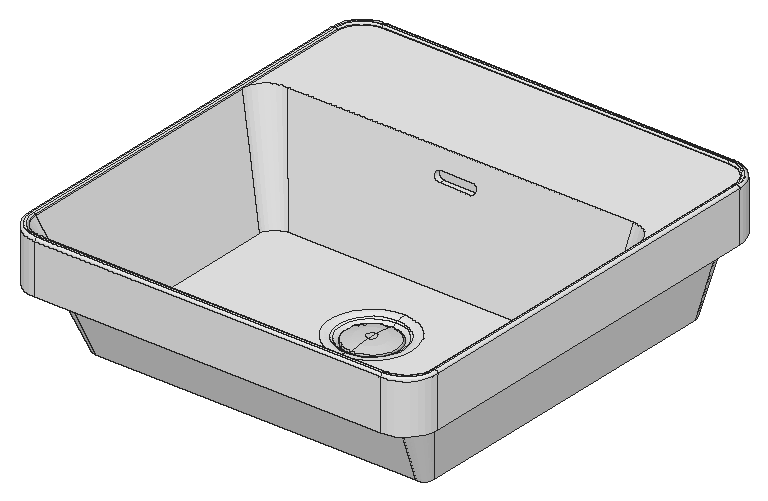
Revit family "Reece_Basin_Posh_Domaine_Semi Inset", category Plumbing Fixtures, host Face, Revit 2018
Family settings
  Host = Face
  Round Connector Dimension = Use Diameter
  Part Type = Normal
  Cut with Voids When Loaded = No
  Shared = Yes
  Room Calculation Point = Yes
Parameters (values of type "1 Taphole_Vitreous China_White")
  WFU = 0  # constant formula
  URL = "https://www.reece.com.au/product/-9508855"
  Type Comments = "Basin"
  Reece_Product_Web Page = "https://www.reece.com.au/product/-9508855"
  Reece_Product_Type = "Basin"  # constant formula
  Reece_Product_Sub Brand = "Domaine"  # constant formula
  Reece_Product_Number = "9508855"
  Reece_Product_Mount = "Inset"  # constant formula
  Reece_Product_Description = "Posh Domaine Semi Inset Overflow Basin 1 Taphole White"  # constant formula
  Reece_Product_Brand = "Posh"  # constant formula
  Reece_Overall_Width = 390 mm  # constant formula
  Reece_Overall_Length = 420 mm  # constant formula
  Reece_Overall_Height = 120 mm  # constant formula
  Reece_Overall_Capacity = 5.50 L  # constant formula
  Reece_Material_Secondary = Reece_Brass_Chrome
  Reece_Material_Main = Reece_Vitreous China_White
  Reece_Detail_Installation = "Semi Inset"  # constant formula
  Reece_Detail_Disclaimer = "THIS FILE IS THE PROPERTY OF THE REECE GROUP. IT MAY NOT BE REPRODUCED, REVERSE-ENGINEERED, OR MODIFIED. ANY REPUBLICATION, TRANSMISSION, OR DISTRIBUTION FOR THE PURPOSE OF COMMERCIALLY EXPLOITING THE FILES IS PROHIBITED."  # constant formula
  Reece_Detail_Connector = "1 Taphole"  # constant formula
  Reece_Detail_Additional = "Overflow"  # constant formula
  Reece_Basin_Taphole 1 = yes
  Reece_Basin_Supply Diameter 1 = 35 mm  # constant formula
  Reece_Basin_Outlet = 40 mm  # constant formula
  Model = "Domaine"
  Manufacturer = "Posh"
  Keynote = "Product #9508855, Reece_Basin_Posh_Domaine_Semi Inset - 1 Taphole_Vitreous China_White"
  HWFU = 0  # constant formula
  Disclaimer = "THIS FILE IS THE PROPERTY OF THE REECE GROUP. IT MAY NOT BE REPRODUCED, REVERSE-ENGINEERED, OR MODIFIED. ANY REPUBLICATION, TRANSMISSION, OR DISTRIBUTION FOR THE PURPOSE OF COMMERCIALLY EXPLOITING THE FILES IS PROHIBITED."  # constant formula
  Description = "Posh Domaine Semi Inset Overflow Basin 1 Taphole White"
  Default Elevation = 1000 mm
  CWFU = 0  # constant formula
Reference planes
  plane 1 "Center (Front/Back)": y = -79.125
  plane 2 "Bottom": z = 0
  plane 3 "Center (Left/Right)": x = 0
  plane 4: x = -195
  plane 5: x = 195
  plane 6: y = 130.875
  plane 7: y = -289.125
  plane 8: z = 50
  plane 9: z = -70
  plane 10: y = 70.875
  plane 11: y = -79.125
  plane 12: y = -94.125
Forms (mm)
  Sweep 1, solid, material "Reece_Vitreous China_White" <- "Reece_Material_Main"
    path origin (0, -2.5, 47.5) x (1, 0, 0) y (0, 1, 0)
      loop
        line (-195, 103.375) -> (-195, -256.66)
        arc (-195, -256.66) -> (-186.213, -277.873) -> (-165, -286.66) r 30
        line (-165, -286.66) -> (165, -286.66)
        arc (165, -286.66) -> (186.213, -277.873) -> (195, -256.66) r 30
        line (195, -256.66) -> (195, 103.375)
        arc (195, 103.375) -> (186.213, 124.589) -> (165, 133.375) r 30
        line (165, 133.375) -> (-165, 133.375)
        arc (-165, 133.375) -> (-186.213, 124.589) -> (-195, 103.375) r 30
    profile origin (-195, -79.142, 47.5) x (1, 0, 0) y (0, 0, 1)
      loop
        line (0, -47.5) -> (6, -47.5) -> (6, 1)
        arc (6, 1) -> (5.561, 2.061) -> (4.5, 2.5) r 1.5
        line (4.5, 2.5) -> (2.5, 2.5)
        arc (2.5, 2.5) -> (0.732, 1.768) -> (0, 0) r 2.5
        line (0, 0) -> (0, -47.5)
  SweptBlend 2, void
    path origin (0, -79.125, -70) x (1, 0, 0) y (0, 0, 1)
      loop
        line (0, 118.5) -> (0, 10)
    profile origin (0, -79.125, 48.5) x (0, -1, 0) y (1, 0, 0)
      loop
        line (-90, 165.002) -> (-90, -165.002)
        arc (-90, -165.002) -> (-82.971, -181.972) -> (-66, -189.002) r 24
        line (-66, -189.002) -> (180.035, -189.002)
        arc (180.035, -189.002) -> (197.005, -181.971) -> (204.035, -165) r 24
        line (204.035, -165) -> (204.035, 165)
        arc (204.035, 165) -> (197.005, 181.971) -> (180.035, 189) r 24
        line (180.035, 189) -> (-66, 189.002)
        arc (-66, 189.002) -> (-82.971, 181.972) -> (-90, 165.002) r 24
    end profile origin (0, -79.125, -60) x (0, -1, 0) y (1, 0, 0)
      loop
        arc (-68, -146.7) -> (-63.607, -157.307) -> (-53, -161.7) r 15
        line (-53, -161.7) -> (139.402, -161.7)
        arc (139.402, -161.7) -> (150.009, -157.307) -> (154.402, -146.7) r 15
        line (154.402, -146.7) -> (154.402, 146.7)
        arc (154.402, 146.7) -> (150.009, 157.307) -> (139.402, 161.7) r 15
        line (139.402, 161.7) -> (-53, 161.7)
        arc (-53, 161.7) -> (-63.607, 157.307) -> (-68, 146.7) r 15
        line (-68, 146.7) -> (-68, -146.7)
  Revolve 3, void
    sketch origin (0, 45, -82) x (0, 1, 0) y (0, 0, 1)
      loop
        arc (-178.125, 22) -> (-174.202, 21.612) -> (-170.432, 20.462) r 20
        line (-170.432, 20.462) -> (-168.278, 19.564)
        arc (-168.278, 19.564) -> (-163.804, 15.88) -> (-162.125, 10.333) r 10
        line (-162.125, 10.333) -> (-162.125, 0) -> (-139.125, 0) -> (-139.125, 22) -> (-178.125, 22)
      axis (-139.125, 22) -> (-139.125, 0)
    angle from 0 to 360
  Revolve 4, solid, material "Reece_Brass_Chrome" <- "Reece_Material_Secondary"
    sketch origin (0, -17.5, -65.585) x (0, 1, 0) y (0, 0, 1)
      loop
        line (-99.428, -1.603) -> (-76.625, -1.603) -> (-76.625, 4.528) -> (-81.386, 4.528)
        arc (-81.386, 4.528) -> (-91.145, 3.836) -> (-100.708, 1.772) r 69.106
        arc (-100.708, 1.772) -> (-101.398, 1.06) -> (-101.136, 0.105) r 1
        line (-101.136, 0.105) -> (-99.428, -1.603)
      axis (-76.625, 4.528) -> (-76.625, -1.603)
    angle from 0 to 360
  Extrusion 5, void
    sketch origin (0, -79.125, -70) x (1, 0, 0) y (0, 0, 1)
      loop
        arc (-15, 101) -> (-20, 96) -> (-15, 91) r 5
        line (-15, 91) -> (15, 91)
        arc (15, 91) -> (20, 96) -> (15, 101) r 5
        line (15, 101) -> (-15, 101)
    from -90.035 to -59.6
  SweptBlend 6, solid, material "Reece_Vitreous China_White" <- "Reece_Material_Main"
    path origin (0, -79.125, -70) x (1, 0, 0) y (0, 0, 1)
      loop
        line (0, 118.5) -> (0, 0)
    profile origin (0, -79.125, 48.5) x (0, -1, 0) y (1, 0, 0)
      loop
        line (-180, -192.202) -> (180, -192.202)
        arc (180, -192.202) -> (199.233, -184.233) -> (207.2, -165) r 27.2
        line (207.2, -165) -> (207.2, 165.002)
        arc (207.2, 165.002) -> (199.233, 184.235) -> (180, 192.202) r 27.2
        line (180, 192.202) -> (-180, 192.202)
        arc (-180, 192.202) -> (-199.233, 184.235) -> (-207.2, 165.002) r 27.2
        line (-207.2, 165.002) -> (-207.2, -165.002)
        arc (-207.2, -165.002) -> (-199.233, -184.235) -> (-180, -192.202) r 27.2
    end profile origin (0, -79.125, -70) x (0, -1, 0) y (1, 0, 0)
      loop
        arc (-178, -152.4) -> (-175.071, -159.471) -> (-168, -162.4) r 10
        line (-168, -162.4) -> (143.002, -162.4)
        arc (143.002, -162.4) -> (150.073, -159.471) -> (153.002, -152.4) r 10
        line (153.002, -152.4) -> (153.002, 152.4)
        arc (153.002, 152.4) -> (150.073, 159.471) -> (143.002, 162.4) r 10
        line (143.002, 162.4) -> (-168, 162.4)
        arc (-168, 162.4) -> (-175.071, 159.471) -> (-178, 152.4) r 10
        line (-178, 152.4) -> (-178, -152.4)
  Extrusion 7, void
    sketch origin (0, 0, 0) x (1, 0, 0) y (0, 1, 0)
      loop
        line (155, 123.777) -> (-155, 123.777)
        arc (-155, 123.777) -> (-178.265, 114.141) -> (-187.902, 90.875) r 32.902
        line (-187.902, 90.875) -> (-187.902, -249.16)
        arc (-187.902, -249.16) -> (-178.265, -272.425) -> (-155, -282.062) r 32.902
        line (-155, -282.062) -> (155, -282.062)
        arc (155, -282.062) -> (178.265, -272.425) -> (187.902, -249.16) r 32.902
        line (187.902, -249.16) -> (187.902, 90.875)
        arc (187.902, 90.875) -> (178.265, 114.141) -> (155, 123.777) r 32.902
    from 0 to -150
  Revolve 8, solid
    sketch origin (0, 0, 0) x (0, 1, 0) y (0, 0, 1)
      loop
        line (-119.125, -70) -> (-129.125, -70) -> (-129.125, -90) -> (-119.125, -90) -> (-119.125, -70)
      axis (-94.125, -70) -> (-94.125, -90)
    angle from 0 to 360
Cuts and joins
  SweptBlend 2, Revolve 3, Extrusion 5 cuts SweptBlend 6
  Revolve 3, Extrusion 5 cuts Sweep 1
Lines and regions (mm)
  model lines, visible <- "Reece_Basin_Taphole 1"
    curve 1: circle (0, 70.875, 50) r 17.5 normal (0, 0, 1)
Text (mm)
  text "Reece ©" at (-1108.834, -679.227, 0), in view "Ref. Level"
  text "Reece ©" at (44.384, 258.95, 192.345), in view "Reece Preview"
Dimensions and locks
  plane 7 to plane 1 "Center (Front/Back)" to plane 6 = 210 mm, 210 mm
  "Reece_Overall_Length": plane 7 to plane 6
  plane 4 to plane 3 "Center (Left/Right)" to plane 5 = 195 mm, 195 mm
  "Reece_Overall_Width": plane 4 to plane 5
  "Reece_Overall_Height": plane 8 to plane 9
  plane 12 to plane 10 to plane 6 = 165 mm, 60 mm
  equal spacing: plane 7, plane 11, plane 6
  "Reece_Overall_Width": cut or joined group of Sweep 1, Revolve 3, Extrusion 5 to plane 5
  "Reece_Overall_Length": cut or joined group of Sweep 1, Revolve 3, Extrusion 5 to plane 7
  plane 8 to host face = 50 mm  (x2)
  aligned and locked: host face to plane 2 "Bottom"
  aligned and locked: level to host face
Automatic sketch dimensions
  host sketch curve to host sketch curve = 696.216 mm
  host sketch curve to host sketch curve = 618.927 mm
  Sweep 1 sketch curve to plane 4 = 0 mm
  plane 6 to Sweep 1 sketch curve = 0 mm
  Sweep 1 sketch curve to plane 5 = 0 mm
  Sweep 1 sketch curve to plane 4 = 30 mm  (x2)
  plane 7 to Sweep 1 sketch curve = 0.035 mm
  Sweep 1 sketch curve to plane 7 = 29.965 mm
  plane 5 to Sweep 1 sketch curve = 30 mm
  SweptBlend 2 sketch curve to plane 3 "Center (Left/Right)" = 0 mm
  plane 9 to SweptBlend 2 sketch curve = 10 mm
  plane 8 to SweptBlend 2 sketch curve = 1.5 mm
  SweptBlend 2 sketch curve to plane 1 "Center (Front/Back)" = 90 mm
  SweptBlend 2 sketch curve to SweptBlend 2 sketch curve = 24 mm  (x6)
  plane 1 "Center (Front/Back)" to SweptBlend 2 sketch curve = 180.035 mm
  profile plane to SweptBlend 2 sketch curve = 189.002 mm
  SweptBlend 2 sketch curve to profile plane = 165 mm
  SweptBlend 2 sketch curve to plane 1 "Center (Front/Back)" = 68 mm
  SweptBlend 2 sketch curve to SweptBlend 2 sketch curve = 15 mm  (x3)
  plane 1 "Center (Front/Back)" to SweptBlend 2 sketch curve = 139.402 mm  (x2)
  profile plane to SweptBlend 2 sketch curve = 161.7 mm
  SweptBlend 2 sketch curve to profile plane = 146.7 mm
  Revolve 3 sketch curve to plane 9 = 10 mm
  plane 1 "Center (Front/Back)" to Revolve 3 sketch curve = 54 mm
  Revolve 3 sketch curve to plane 9 = 1.667 mm
  Revolve 3 sketch curve to Revolve 3 sketch curve = 6 mm
  plane 9 to Revolve 3 sketch curve = 8.462 mm
  Revolve 3 sketch curve to Revolve 3 sketch curve = 7.692 mm
  plane 9 to Revolve 3 sketch curve = 7.564 mm
  Revolve 3 sketch curve to Revolve 3 sketch curve = 2.154 mm
  plane 1 "Center (Front/Back)" to Revolve 3 sketch curve = 15 mm  (x2)
  Revolve 3 sketch curve to plane 9 = 12 mm
  plane 9 to Revolve 3 sketch curve = 10 mm
  Revolve 3 sketch curve to Revolve 3 sketch curve = 0 mm
  Revolve 3 sketch curve to Revolve 3 sketch curve = 33 mm
  Revolve 3 sketch curve to Revolve 3 sketch curve = 10 mm
  plane 9 to Revolve 4 sketch curve = 4.52 mm
  plane 1 "Center (Front/Back)" to Revolve 4 sketch curve = 39.511 mm
  Revolve 4 sketch curve to Revolve 4 sketch curve = 0.707 mm  (x2)
  Revolve 4 sketch curve to Revolve 4 sketch curve = 1.708 mm
  plane 1 "Center (Front/Back)" to Revolve 4 sketch curve = 19.761 mm
  Revolve 4 sketch curve to Revolve 4 sketch curve = 4.761 mm  (x2)
  plane 9 to Revolve 4 sketch curve = 2.813 mm
  Revolve 4 sketch curve to plane 9 = 60.163 mm
  Revolve 4 sketch curve to Revolve 4 sketch curve = 6.131 mm
  Revolve 4 sketch curve to Revolve 4 sketch curve = 5.422 mm
  Revolve 4 sketch curve to Revolve 4 sketch curve = 20.472 mm
  Extrusion 5 sketch curve to plane 3 "Center (Left/Right)" = 15 mm
  plane 3 "Center (Left/Right)" to Extrusion 5 sketch curve = 15 mm
  level to Extrusion 5 sketch curve = 21 mm
  Extrusion 5 sketch curve to Extrusion 5 sketch curve = 5 mm
  curve 1 to plane 3 "Center (Left/Right)" = 0 mm
  SweptBlend 6 sketch curve to plane 3 "Center (Left/Right)" = 0 mm
  SweptBlend 6 sketch curve to plane 9 = 0 mm
  plane 8 to SweptBlend 6 sketch curve = 1.5 mm
  SweptBlend 6 sketch curve to plane 1 "Center (Front/Back)" = 178 mm
  SweptBlend 6 sketch curve to SweptBlend 6 sketch curve = 10 mm  (x3)
  plane 1 "Center (Front/Back)" to SweptBlend 6 sketch curve = 143.002 mm  (x2)
  profile plane to SweptBlend 6 sketch curve = 162.4 mm
  SweptBlend 6 sketch curve to profile plane = 152.4 mm
  Extrusion 7 sketch curve to plane 4 = 7.098 mm
  Extrusion 7 sketch curve to Extrusion 7 sketch curve = 32.902 mm  (x2)
  Extrusion 7 sketch curve to plane 7 = 7.063 mm
  plane 5 to Extrusion 7 sketch curve = 40 mm  (x2)
  plane 5 to Extrusion 7 sketch curve = 7.098 mm
  plane 6 to Extrusion 7 sketch curve = 40 mm
  Revolve 8 sketch curve to plane 9 = 0 mm
  Revolve 8 sketch curve to plane 9 = 20 mm
  plane 1 "Center (Front/Back)" to Revolve 8 sketch curve = 50 mm
  plane 1 "Center (Front/Back)" to Revolve 8 sketch curve = 40 mm
  Revolve 8 sketch curve to Revolve 8 sketch curve = 25 mm
  Revolve 8 sketch curve to Revolve 8 sketch curve = 57.188 mm
  Revolve 8 sketch curve to Revolve 8 sketch curve = 2.813 mm
  plane 6 to curve 1 = 60 mm
  profile plane to Sweep 1 sketch curve = 0 mm
  Sweep 1 sketch curve to profile plane = 0 mm
  profile plane to Sweep 1 sketch curve = 1 mm
  Sweep 1 sketch curve to profile plane = 2.5 mm
  Sweep 1 sketch curve to Sweep 1 sketch curve = 2 mm
  Sweep 1 sketch curve to Sweep 1 sketch curve = 47.5 mm
  SweptBlend 6 sketch curve to plane 1 "Center (Front/Back)" = 207.2 mm
  SweptBlend 6 sketch curve to SweptBlend 6 sketch curve = 27.2 mm  (x3)
  plane 1 "Center (Front/Back)" to SweptBlend 6 sketch curve = 180 mm  (x2)
  SweptBlend 6 sketch curve to SweptBlend 6 sketch curve = 0 mm
  profile plane to SweptBlend 6 sketch curve = 192.202 mm
  SweptBlend 6 sketch curve to SweptBlend 6 sketch curve = 27.202 mm
  SweptBlend 6 sketch curve to profile plane = 165.002 mm
  SweptBlend 2 sketch curve to SweptBlend 2 sketch curve = 24.002 mm
  SweptBlend 2 sketch curve to profile plane = 165.002 mm
  radius of curve 1 = 17.5 mm
Connectors
  piping at (0, -94.125, -90), diameter 40, driven by "Reece_Basin_Outlet"
    settings: on Revolve 8, index 1, connector inside diameter 609.6 mm, connector length 0 mm, flow factor 0, pipe flow 0.0 L/s, pressure drop 0.0 Pa, fitting loss kfactor 0, connector angle 0.00°, fixture units 0, engagement length 0 mm, angle of deflection 0.00°, flow configuration 0, flow direction 2, fitting loss method 0, system type 16, joint type 0, gender type 0, connector reference index -1, connector utility 0, adjustable connector no, is connector primary yes, connector description ""
